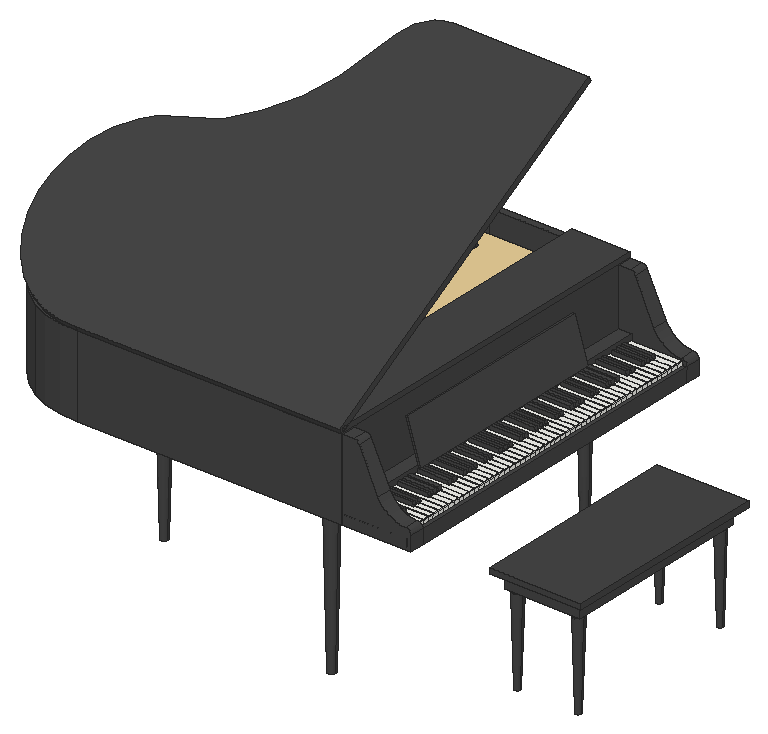
Revit family "Grand_Piano_4149", category Specialty Equipment, Revit 2020
Family settings
  Round Connector Dimension = Use Diameter
  Part Type = Undefined
  Work Plane-Based = No
  Always vertical = Yes
  Cut with Voids When Loaded = No
  Shared = No
  Room Calculation Point = No
Parameters
  Default Elevation = 0' - 0"
Reference planes (in)
  plane 1 "Center F/B": y = 0
  plane 2: z = 0
  plane 3 "Center L/R": x = 0
Forms (in)
  Extrusion 1, solid, material "Black Body"
    sketch origin (0, 0, 26) x (1, 0, 0) y (0, 1, 0)
      loop
        arc (6.65884, 31.94981) -> (0.05521, 16.40963) -> (9, 2.08846) r 18.28052
        arc (9, 2.08846) -> (13.33982, 0.35394) -> (18, 0) r 15.4119
        line (18, 0) -> (63.5, 0) -> (63.5, 62) -> (40, 62)
        arc (40, 62) -> (36.04715, 60.76522) -> (33.5, 57.5) r 6.94444
        arc (33.5, 57.5) -> (32.78954, 55.73305) -> (32, 54) r 42.15116
        arc (32, 54) -> (26.59292, 43.97566) -> (18, 36.5) r 31.79607
        line (18, 36.5) -> (10.59368, 34.10402)
        arc (10.59368, 34.10402) -> (8.5247, 33.21242) -> (6.65884, 31.94981) r 12
    from 0 to 14
  Extrusion 2, solid, material "Black Body"
    sketch origin (18, 2.5, 26) x (1, 0, 0) y (0, 0, 1)
      loop
        line (45.5, 14) -> (45.5, 0) -> (57.42196, 0) -> (57.42196, 2.43623)
        arc (57.42196, 2.43623) -> (57.13809, 3.1342) -> (56.44765, 3.4359) r 1
        arc (56.44765, 3.4359) -> (53.65296, 4.30924) -> (51.7366, 6.52296) r 5.34971
        line (51.7366, 6.52296) -> (48.51924, 13.42262)
        arc (48.51924, 13.42262) -> (48.15023, 13.84339) -> (47.61293, 14) r 1
        line (47.61293, 14) -> (45.5, 14)
    from 0 to 2.5
  Extrusion 3, solid, material "Black Body"
    sketch origin (18, 59.5, 26) x (1, 0, 0) y (0, 0, -1)
      loop
        line (45.5, -14) -> (47.61293, -14)
        arc (47.61293, -14) -> (48.15023, -13.84339) -> (48.51924, -13.42262) r 1
        line (48.51924, -13.42262) -> (51.7366, -6.52296)
        arc (51.7366, -6.52296) -> (53.65296, -4.30924) -> (56.44765, -3.4359) r 5.34971
        arc (56.44765, -3.4359) -> (57.13809, -3.1342) -> (57.42196, -2.43623) r 1
        line (57.42196, -2.43623) -> (57.42196, 0) -> (45.5, 0) -> (45.5, -14)
    from 0 to 2.5
  Extrusion 4, solid, material "Black Body"
    sketch origin (0, 0, 40) x (1, 0, 0) y (0, 1, 0)
      loop
        line (53.5, 62) -> (53.5, 0) -> (63.5, 0) -> (63.5, 62) -> (53.5, 62)
    from 0 to 1
  Extrusion 5, void
    sketch origin (0, 0, 28.08019) x (1, 0, 0) y (0, 1, 0)
      loop
        arc (32.92982, 53.62596) -> (27.31722, 43.28045) -> (18.4135, 35.58274) r 32.79607
        line (18.4135, 35.58274) -> (10.90148, 33.15257)
        arc (10.90148, 33.15257) -> (9.00491, 32.33527) -> (7.29454, 31.17788) r 11
        arc (7.29454, 31.17788) -> (1.05215, 16.48779) -> (9.50763, 2.95003) r 17.28052
        arc (9.50763, 2.95003) -> (13.58417, 1.32382) -> (17.96114, 1) r 14.4119
        line (17.96114, 1) -> (62.5, 1) -> (62.5, 61) -> (40, 61)
        arc (40, 61) -> (36.61636, 59.94303) -> (34.436, 57.148) r 5.94444
        arc (34.436, 57.148) -> (33.72201, 55.37026) -> (32.92982, 53.62596) r 43.15116
    from 0 to 12
  Extrusion 6, solid, material "Black Body"
    sketch origin (0, 0, 29.25) x (1, 0, 0) y (0, 1, 0)
      loop
        line (63.5, 59.5) -> (63.5, 2.5) -> (65.90273, 2.5) -> (65.90273, 59.5) -> (63.5, 59.5)
    from 0 to 1
  Extrusion 7, solid, material "Black Body"
    sketch origin (0, 0, 40) x (1, 0, 0) y (0, 0.866025, 0.5)
      loop
        arc (6.65884, 31.94981) -> (0.05521, 16.40963) -> (9, 2.08846) r 18.28052
        arc (9, 2.08846) -> (13.33982, 0.35394) -> (18, 0) r 15.4119
        line (18, 0) -> (63.5, 0) -> (63.5, 62) -> (40, 62)
        arc (40, 62) -> (36.04715, 60.76522) -> (33.5, 57.5) r 6.94444
        arc (33.5, 57.5) -> (32.78954, 55.73305) -> (32, 54) r 42.15116
        arc (32, 54) -> (26.59292, 43.97566) -> (18, 36.5) r 31.79607
        line (18, 36.5) -> (10.59368, 34.10402)
        arc (10.59368, 34.10402) -> (8.5247, 33.21242) -> (6.65884, 31.94981) r 12
    from 0 to 1
  Extrusion 8, solid, material "Black Body"
    sketch origin (18, 0, 26) x (1, 0, 0) y (0, 0, 1)
      loop
        line (57.42196, 0) -> (57.42196, 2.46481) -> (56.67196, 2.46481) -> (56.67196, 0) -> (57.42196, 0)
    from -59.5 to -2.5
  Extrusion 9, solid, material "Black Body"
    sketch origin (18, 0, 26) x (1, 0, 0) y (0, 0, 1)
      loop
        line (46.5, 11.5) -> (46.13525, 11.38848) -> (48.3177, 4.25) -> (48.71655, 4.25) -> (46.5, 11.5)
    from -49 to -13
  Extrusion 10, solid, material "Black Body"
    sketch origin (0, 0, 18) x (1, 0, 0) y (0, 1, 0)
      loop
        line (78.5, 49) -> (78.5, 13) -> (94.34758, 13) -> (94.34758, 49) -> (78.5, 49)
    from 0 to 1
  Extrusion 11, solid, material "Black Body"
    sketch origin (0, 0, 15.5) x (1, 0, 0) y (0, 1, 0)
      loop
        line (80, 47.5) -> (80, 14.5) -> (92.84758, 14.5) -> (92.84758, 47.5) -> (80, 47.5)
    from 0 to 2.5
  Extrusion 12, solid, material "Ivory Keys"
    sketch origin (0, 0, 28.17039) x (1, 0, 0) y (0, 1, 0)
      loop
        line (65.90273, 4.70793) -> (74.63529, 4.70793) -> (74.67196, 4.7446) -> (74.67196, 5.73617) -> (74.63529, 5.77284) -> (71.39912, 5.77284) -> (71.39912, 5.4988) -> (65.90273, 5.4988) -> (65.90273, 4.70793)
    from 0 to 1
  Extrusion 13, solid, material "Ivory Keys"
    sketch origin (0, 0, 28.17039) x (1, 0, 0) y (0, 1, 0)
      loop
        line (65.90273, 6.59495) -> (65.90273, 6.07812) -> (71.39912, 6.07812) -> (71.39912, 5.80409) -> (74.63529, 5.80409) -> (74.67196, 5.84075) -> (74.67196, 6.83232) -> (74.63529, 6.86899) -> (71.39912, 6.86899) -> (71.39912, 6.59495) -> (65.90273, 6.59495)
    from 0 to 1
  Extrusion 14, solid, material "Black Keys"
    sketch origin (0, 0, 28.17039) x (1, 0, 0) y (0, 1, 0)
      loop
        line (65.90273, 7.14303) -> (65.90273, 6.6262) -> (71.36787, 6.6262) -> (71.36787, 7.14303) -> (65.90273, 7.14303)
    from 0 to 1.625
  Extrusion 15, void
    sketch origin (71.3835, 6.6262, 28.17039) x (1, 0, 0) y (0, 0, -1)
      loop
        line (-0.01562, -1) -> (-0.14847, -1.625) -> (-0.14847, -1.81324) -> (0.10153, -1.81324) -> (-0.01562, -1)
    from -3.66501 to 5.23942
  Extrusion 16, solid, material "Black Keys"
    sketch origin (0, -1.09615, 28.17039) x (1, 0, 0) y (0, 1, 0)
      loop
        line (65.90273, 7.14303) -> (65.90273, 6.6262) -> (71.36787, 6.6262) -> (71.36787, 7.14303) -> (65.90273, 7.14303)
    from 0 to 1.625
  Extrusion 17, solid, material "Black Keys"
    sketch origin (0, -3.28846, 28.17039) x (1, 0, 0) y (0, 1, 0)
      loop
        line (65.90273, 7.14303) -> (65.90273, 6.6262) -> (71.36787, 6.6262) -> (71.36787, 7.14303) -> (65.90273, 7.14303)
    from 0 to 1.625
  Extrusion 18, solid, material "Black Keys"
    sketch origin (0, 2.19231, 28.17039) x (1, 0, 0) y (0, 1, 0)
      loop
        line (65.90273, 7.14303) -> (65.90273, 6.6262) -> (71.36787, 6.6262) -> (71.36787, 7.14303) -> (65.90273, 7.14303)
    from 0 to 1.625
  Extrusion 19, solid, material "Black Keys"
    sketch origin (0, 3.28846, 28.17039) x (1, 0, 0) y (0, 1, 0)
      loop
        line (65.90273, 7.14303) -> (65.90273, 6.6262) -> (71.36787, 6.6262) -> (71.36787, 7.14303) -> (65.90273, 7.14303)
    from 0 to 1.625
  Extrusion 20, solid, material "Black Keys"
    sketch origin (0, 4.38462, 28.17039) x (1, 0, 0) y (0, 1, 0)
      loop
        line (65.90273, 7.14303) -> (65.90273, 6.6262) -> (71.36787, 6.6262) -> (71.36787, 7.14303) -> (65.90273, 7.14303)
    from 0 to 1.625
  Extrusion 21, solid, material "Ivory Keys"
    sketch origin (0, 3.28846, 28.17039) x (1, 0, 0) y (0, 1, 0)
      loop
        line (65.90273, 4.70793) -> (74.63529, 4.70793) -> (74.67196, 4.7446) -> (74.67196, 5.73617) -> (74.63529, 5.77284) -> (71.39912, 5.77284) -> (71.39912, 5.4988) -> (65.90273, 5.4988) -> (65.90273, 4.70793)
    from 0 to 1
  Extrusion 22, solid, material "Ivory Keys"
    sketch origin (0, 12.67308, 28.17039) x (1, 0, 0) y (0, 1, 0)
      loop
        line (65.90273, -4.70793) -> (65.90273, -5.4988) -> (71.39912, -5.4988) -> (71.39912, -5.77284) -> (74.63529, -5.77284) -> (74.67196, -5.73617) -> (74.67196, -4.7446) -> (74.63529, -4.70793) -> (65.90273, -4.70793)
    from 0 to 1
  Extrusion 23, solid, material "Ivory Keys"
    sketch origin (0, 3.28846, 28.17039) x (1, 0, 0) y (0, 1, 0)
      loop
        line (65.90273, 6.59495) -> (65.90273, 6.07812) -> (71.39912, 6.07812) -> (71.39912, 5.80409) -> (74.63529, 5.80409) -> (74.67196, 5.84075) -> (74.67196, 6.83232) -> (74.63529, 6.86899) -> (71.39912, 6.86899) -> (71.39912, 6.59495) -> (65.90273, 6.59495)
    from 0 to 1
  Extrusion 24, solid, material "Ivory Keys"
    sketch origin (0, 17.05769, 28.17039) x (1, 0, 0) y (0, 1, 0)
      loop
        line (65.90273, -6.59495) -> (71.39912, -6.59495) -> (71.39912, -6.86899) -> (74.63529, -6.86899) -> (74.67196, -6.83232) -> (74.67196, -5.84075) -> (74.63529, -5.80409) -> (71.39912, -5.80409) -> (71.39912, -6.07812) -> (65.90273, -6.07812) -> (65.90273, -6.59495)
    from 0 to 1
  Extrusion 25, solid, material "Ivory Keys"
    sketch origin (0, 17.05769, 28.17039) x (1, 0, 0) y (0, 1, 0)
      loop
        line (65.90273, -4.70793) -> (65.90273, -5.4988) -> (71.39912, -5.4988) -> (71.39912, -5.77284) -> (74.63529, -5.77284) -> (74.67196, -5.73617) -> (74.67196, -4.7446) -> (74.63529, -4.70793) -> (65.90273, -4.70793)
    from 0 to 1
  Extrusion 26, solid, material "Ivory Keys"
    sketch origin (0, 7.67308, 28.17039) x (1, 0, 0) y (0, 1, 0)
      loop
        line (65.90273, 4.70793) -> (74.63529, 4.70793) -> (74.67196, 4.7446) -> (74.67196, 5.73617) -> (74.63529, 5.77284) -> (71.39912, 5.77284) -> (71.39912, 5.4988) -> (65.90273, 5.4988) -> (65.90273, 4.70793)
    from 0 to 1
  Extrusion 27, solid, material "Ivory Keys"
    sketch origin (0, 7.67308, 28.17039) x (1, 0, 0) y (0, 1, 0)
      loop
        line (65.90273, 6.59495) -> (65.90273, 6.07812) -> (71.39912, 6.07812) -> (71.39912, 5.80409) -> (74.63529, 5.80409) -> (74.67196, 5.84075) -> (74.67196, 6.83232) -> (74.63529, 6.86899) -> (71.39912, 6.86899) -> (71.39912, 6.59495) -> (65.90273, 6.59495)
    from 0 to 1
  Extrusion 28, solid, material "Black Keys"
    sketch origin (0, 7.67308, 28.17039) x (1, 0, 0) y (0, 1, 0)
      loop
        line (65.90273, 7.14303) -> (65.90273, 6.6262) -> (71.36787, 6.6262) -> (71.36787, 7.14303) -> (65.90273, 7.14303)
    from 0 to 1.625
  Extrusion 29, void
    sketch origin (71.3835, 14.29928, 28.17039) x (1, 0, 0) y (0, 0, -1)
      loop
        line (-0.01562, -1) -> (-0.14847, -1.625) -> (-0.14847, -1.81324) -> (0.10153, -1.81324) -> (-0.01562, -1)
    from -1.40674 to 5.23942
  Extrusion 30, solid, material "Black Keys"
    sketch origin (0, 6.57692, 28.17039) x (1, 0, 0) y (0, 1, 0)
      loop
        line (65.90273, 7.14303) -> (65.90273, 6.6262) -> (71.36787, 6.6262) -> (71.36787, 7.14303) -> (65.90273, 7.14303)
    from 0 to 1.625
  Extrusion 31, solid, material "Black Keys"
    sketch origin (0, 9.86538, 28.17039) x (1, 0, 0) y (0, 1, 0)
      loop
        line (65.90273, 7.14303) -> (65.90273, 6.6262) -> (71.36787, 6.6262) -> (71.36787, 7.14303) -> (65.90273, 7.14303)
    from 0 to 1.625
  Extrusion 32, solid, material "Black Keys"
    sketch origin (0, 10.96154, 28.17039) x (1, 0, 0) y (0, 1, 0)
      loop
        line (65.90273, 7.14303) -> (65.90273, 6.6262) -> (71.36787, 6.6262) -> (71.36787, 7.14303) -> (65.90273, 7.14303)
    from 0 to 1.625
  Extrusion 33, solid, material "Black Keys"
    sketch origin (0, 12.05769, 28.17039) x (1, 0, 0) y (0, 1, 0)
      loop
        line (65.90273, 7.14303) -> (65.90273, 6.6262) -> (71.36787, 6.6262) -> (71.36787, 7.14303) -> (65.90273, 7.14303)
    from 0 to 1.625
  Extrusion 34, solid, material "Ivory Keys"
    sketch origin (0, 10.96154, 28.17039) x (1, 0, 0) y (0, 1, 0)
      loop
        line (65.90273, 4.70793) -> (74.63529, 4.70793) -> (74.67196, 4.7446) -> (74.67196, 5.73617) -> (74.63529, 5.77284) -> (71.39912, 5.77284) -> (71.39912, 5.4988) -> (65.90273, 5.4988) -> (65.90273, 4.70793)
    from 0 to 1
  Extrusion 35, solid, material "Ivory Keys"
    sketch origin (0, 20.34615, 28.17039) x (1, 0, 0) y (0, 1, 0)
      loop
        line (65.90273, -4.70793) -> (65.90273, -5.4988) -> (71.39912, -5.4988) -> (71.39912, -5.77284) -> (74.63529, -5.77284) -> (74.67196, -5.73617) -> (74.67196, -4.7446) -> (74.63529, -4.70793) -> (65.90273, -4.70793)
    from 0 to 1
  Extrusion 36, solid, material "Ivory Keys"
    sketch origin (0, 10.96154, 28.17039) x (1, 0, 0) y (0, 1, 0)
      loop
        line (65.90273, 6.59495) -> (65.90273, 6.07812) -> (71.39912, 6.07812) -> (71.39912, 5.80409) -> (74.63529, 5.80409) -> (74.67196, 5.84075) -> (74.67196, 6.83232) -> (74.63529, 6.86899) -> (71.39912, 6.86899) -> (71.39912, 6.59495) -> (65.90273, 6.59495)
    from 0 to 1
  Extrusion 37, solid, material "Ivory Keys"
    sketch origin (0, 24.73077, 28.17039) x (1, 0, 0) y (0, 1, 0)
      loop
        line (65.90273, -6.59495) -> (71.39912, -6.59495) -> (71.39912, -6.86899) -> (74.63529, -6.86899) -> (74.67196, -6.83232) -> (74.67196, -5.84075) -> (74.63529, -5.80409) -> (71.39912, -5.80409) -> (71.39912, -6.07812) -> (65.90273, -6.07812) -> (65.90273, -6.59495)
    from 0 to 1
  Extrusion 38, solid, material "Ivory Keys"
    sketch origin (0, 24.73077, 28.17039) x (1, 0, 0) y (0, 1, 0)
      loop
        line (65.90273, -4.70793) -> (65.90273, -5.4988) -> (71.39912, -5.4988) -> (71.39912, -5.77284) -> (74.63529, -5.77284) -> (74.67196, -5.73617) -> (74.67196, -4.7446) -> (74.63529, -4.70793) -> (65.90273, -4.70793)
    from 0 to 1
  Extrusion 39, solid, material "Ivory Keys"
    sketch origin (0, 15.34615, 28.17039) x (1, 0, 0) y (0, 1, 0)
      loop
        line (65.90273, 4.70793) -> (74.63529, 4.70793) -> (74.67196, 4.7446) -> (74.67196, 5.73617) -> (74.63529, 5.77284) -> (71.39912, 5.77284) -> (71.39912, 5.4988) -> (65.90273, 5.4988) -> (65.90273, 4.70793)
    from 0 to 1
  Extrusion 40, solid, material "Ivory Keys"
    sketch origin (0, 15.34615, 28.17039) x (1, 0, 0) y (0, 1, 0)
      loop
        line (65.90273, 6.59495) -> (65.90273, 6.07812) -> (71.39912, 6.07812) -> (71.39912, 5.80409) -> (74.63529, 5.80409) -> (74.67196, 5.84075) -> (74.67196, 6.83232) -> (74.63529, 6.86899) -> (71.39912, 6.86899) -> (71.39912, 6.59495) -> (65.90273, 6.59495)
    from 0 to 1
  Extrusion 41, solid, material "Black Keys"
    sketch origin (0, 15.34615, 28.17039) x (1, 0, 0) y (0, 1, 0)
      loop
        line (65.90273, 7.14303) -> (65.90273, 6.6262) -> (71.36787, 6.6262) -> (71.36787, 7.14303) -> (65.90273, 7.14303)
    from 0 to 1.625
  Extrusion 42, void
    sketch origin (71.3835, 21.97236, 28.17039) x (1, 0, 0) y (0, 0, -1)
      loop
        line (-0.01562, -1) -> (-0.14847, -1.625) -> (-0.14847, -1.81324) -> (0.10153, -1.81324) -> (-0.01562, -1)
    from -1.40674 to 5.23942
  Extrusion 43, solid, material "Black Keys"
    sketch origin (0, 14.25, 28.17039) x (1, 0, 0) y (0, 1, 0)
      loop
        line (65.90273, 7.14303) -> (65.90273, 6.6262) -> (71.36787, 6.6262) -> (71.36787, 7.14303) -> (65.90273, 7.14303)
    from 0 to 1.625
  Extrusion 44, solid, material "Black Keys"
    sketch origin (0, 17.53846, 28.17039) x (1, 0, 0) y (0, 1, 0)
      loop
        line (65.90273, 7.14303) -> (65.90273, 6.6262) -> (71.36787, 6.6262) -> (71.36787, 7.14303) -> (65.90273, 7.14303)
    from 0 to 1.625
  Extrusion 45, solid, material "Black Keys"
    sketch origin (0, 18.63462, 28.17039) x (1, 0, 0) y (0, 1, 0)
      loop
        line (65.90273, 7.14303) -> (65.90273, 6.6262) -> (71.36787, 6.6262) -> (71.36787, 7.14303) -> (65.90273, 7.14303)
    from 0 to 1.625
  Extrusion 46, solid, material "Black Keys"
    sketch origin (0, 19.73077, 28.17039) x (1, 0, 0) y (0, 1, 0)
      loop
        line (65.90273, 7.14303) -> (65.90273, 6.6262) -> (71.36787, 6.6262) -> (71.36787, 7.14303) -> (65.90273, 7.14303)
    from 0 to 1.625
  Extrusion 47, solid, material "Ivory Keys"
    sketch origin (0, 18.63462, 28.17039) x (1, 0, 0) y (0, 1, 0)
      loop
        line (65.90273, 4.70793) -> (74.63529, 4.70793) -> (74.67196, 4.7446) -> (74.67196, 5.73617) -> (74.63529, 5.77284) -> (71.39912, 5.77284) -> (71.39912, 5.4988) -> (65.90273, 5.4988) -> (65.90273, 4.70793)
    from 0 to 1
  Extrusion 48, solid, material "Ivory Keys"
    sketch origin (0, 28.01923, 28.17039) x (1, 0, 0) y (0, 1, 0)
      loop
        line (65.90273, -4.70793) -> (65.90273, -5.4988) -> (71.39912, -5.4988) -> (71.39912, -5.77284) -> (74.63529, -5.77284) -> (74.67196, -5.73617) -> (74.67196, -4.7446) -> (74.63529, -4.70793) -> (65.90273, -4.70793)
    from 0 to 1
  Extrusion 49, solid, material "Ivory Keys"
    sketch origin (0, 18.63462, 28.17039) x (1, 0, 0) y (0, 1, 0)
      loop
        line (65.90273, 6.59495) -> (65.90273, 6.07812) -> (71.39912, 6.07812) -> (71.39912, 5.80409) -> (74.63529, 5.80409) -> (74.67196, 5.84075) -> (74.67196, 6.83232) -> (74.63529, 6.86899) -> (71.39912, 6.86899) -> (71.39912, 6.59495) -> (65.90273, 6.59495)
    from 0 to 1
  Extrusion 50, solid, material "Ivory Keys"
    sketch origin (0, 32.40385, 28.17039) x (1, 0, 0) y (0, 1, 0)
      loop
        line (65.90273, -6.59495) -> (71.39912, -6.59495) -> (71.39912, -6.86899) -> (74.63529, -6.86899) -> (74.67196, -6.83232) -> (74.67196, -5.84075) -> (74.63529, -5.80409) -> (71.39912, -5.80409) -> (71.39912, -6.07812) -> (65.90273, -6.07812) -> (65.90273, -6.59495)
    from 0 to 1
  Extrusion 51, solid, material "Ivory Keys"
    sketch origin (0, 32.40385, 28.17039) x (1, 0, 0) y (0, 1, 0)
      loop
        line (65.90273, -4.70793) -> (65.90273, -5.4988) -> (71.39912, -5.4988) -> (71.39912, -5.77284) -> (74.63529, -5.77284) -> (74.67196, -5.73617) -> (74.67196, -4.7446) -> (74.63529, -4.70793) -> (65.90273, -4.70793)
    from 0 to 1
  Extrusion 52, solid, material "Ivory Keys"
    sketch origin (0, 23.01923, 28.17039) x (1, 0, 0) y (0, 1, 0)
      loop
        line (65.90273, 4.70793) -> (74.63529, 4.70793) -> (74.67196, 4.7446) -> (74.67196, 5.73617) -> (74.63529, 5.77284) -> (71.39912, 5.77284) -> (71.39912, 5.4988) -> (65.90273, 5.4988) -> (65.90273, 4.70793)
    from 0 to 1
  Extrusion 53, solid, material "Ivory Keys"
    sketch origin (0, 23.01923, 28.17039) x (1, 0, 0) y (0, 1, 0)
      loop
        line (65.90273, 6.59495) -> (65.90273, 6.07812) -> (71.39912, 6.07812) -> (71.39912, 5.80409) -> (74.63529, 5.80409) -> (74.67196, 5.84075) -> (74.67196, 6.83232) -> (74.63529, 6.86899) -> (71.39912, 6.86899) -> (71.39912, 6.59495) -> (65.90273, 6.59495)
    from 0 to 1
  Extrusion 54, solid, material "Black Keys"
    sketch origin (0, 23.01923, 28.17039) x (1, 0, 0) y (0, 1, 0)
      loop
        line (65.90273, 7.14303) -> (65.90273, 6.6262) -> (71.36787, 6.6262) -> (71.36787, 7.14303) -> (65.90273, 7.14303)
    from 0 to 1.625
  Extrusion 55, void
    sketch origin (71.3835, 29.64543, 28.17039) x (1, 0, 0) y (0, 0, -1)
      loop
        line (-0.01562, -1) -> (-0.14847, -1.625) -> (-0.14847, -1.81324) -> (0.10153, -1.81324) -> (-0.01562, -1)
    from -1.40674 to 5.23942
  Extrusion 56, solid, material "Black Keys"
    sketch origin (0, 21.92308, 28.17039) x (1, 0, 0) y (0, 1, 0)
      loop
        line (65.90273, 7.14303) -> (65.90273, 6.6262) -> (71.36787, 6.6262) -> (71.36787, 7.14303) -> (65.90273, 7.14303)
    from 0 to 1.625
  Extrusion 57, solid, material "Black Keys"
    sketch origin (0, 25.21154, 28.17039) x (1, 0, 0) y (0, 1, 0)
      loop
        line (65.90273, 7.14303) -> (65.90273, 6.6262) -> (71.36787, 6.6262) -> (71.36787, 7.14303) -> (65.90273, 7.14303)
    from 0 to 1.625
  Extrusion 58, solid, material "Black Keys"
    sketch origin (0, 26.30769, 28.17039) x (1, 0, 0) y (0, 1, 0)
      loop
        line (65.90273, 7.14303) -> (65.90273, 6.6262) -> (71.36787, 6.6262) -> (71.36787, 7.14303) -> (65.90273, 7.14303)
    from 0 to 1.625
  Extrusion 59, solid, material "Black Keys"
    sketch origin (0, 27.40385, 28.17039) x (1, 0, 0) y (0, 1, 0)
      loop
        line (65.90273, 7.14303) -> (65.90273, 6.6262) -> (71.36787, 6.6262) -> (71.36787, 7.14303) -> (65.90273, 7.14303)
    from 0 to 1.625
  Extrusion 60, solid, material "Ivory Keys"
    sketch origin (0, 26.30769, 28.17039) x (1, 0, 0) y (0, 1, 0)
      loop
        line (65.90273, 4.70793) -> (74.63529, 4.70793) -> (74.67196, 4.7446) -> (74.67196, 5.73617) -> (74.63529, 5.77284) -> (71.39912, 5.77284) -> (71.39912, 5.4988) -> (65.90273, 5.4988) -> (65.90273, 4.70793)
    from 0 to 1
  Extrusion 61, solid, material "Ivory Keys"
    sketch origin (0, 35.69231, 28.17039) x (1, 0, 0) y (0, 1, 0)
      loop
        line (65.90273, -4.70793) -> (65.90273, -5.4988) -> (71.39912, -5.4988) -> (71.39912, -5.77284) -> (74.63529, -5.77284) -> (74.67196, -5.73617) -> (74.67196, -4.7446) -> (74.63529, -4.70793) -> (65.90273, -4.70793)
    from 0 to 1
  Extrusion 62, solid, material "Ivory Keys"
    sketch origin (0, 26.30769, 28.17039) x (1, 0, 0) y (0, 1, 0)
      loop
        line (65.90273, 6.59495) -> (65.90273, 6.07812) -> (71.39912, 6.07812) -> (71.39912, 5.80409) -> (74.63529, 5.80409) -> (74.67196, 5.84075) -> (74.67196, 6.83232) -> (74.63529, 6.86899) -> (71.39912, 6.86899) -> (71.39912, 6.59495) -> (65.90273, 6.59495)
    from 0 to 1
  Extrusion 63, solid, material "Ivory Keys"
    sketch origin (0, 40.07692, 28.17039) x (1, 0, 0) y (0, 1, 0)
      loop
        line (65.90273, -6.59495) -> (71.39912, -6.59495) -> (71.39912, -6.86899) -> (74.63529, -6.86899) -> (74.67196, -6.83232) -> (74.67196, -5.84075) -> (74.63529, -5.80409) -> (71.39912, -5.80409) -> (71.39912, -6.07812) -> (65.90273, -6.07812) -> (65.90273, -6.59495)
    from 0 to 1
  Extrusion 64, solid, material "Ivory Keys"
    sketch origin (0, 40.07692, 28.17039) x (1, 0, 0) y (0, 1, 0)
      loop
        line (65.90273, -4.70793) -> (65.90273, -5.4988) -> (71.39912, -5.4988) -> (71.39912, -5.77284) -> (74.63529, -5.77284) -> (74.67196, -5.73617) -> (74.67196, -4.7446) -> (74.63529, -4.70793) -> (65.90273, -4.70793)
    from 0 to 1
  Extrusion 65, solid, material "Ivory Keys"
    sketch origin (0, 30.69231, 28.17039) x (1, 0, 0) y (0, 1, 0)
      loop
        line (65.90273, 4.70793) -> (74.63529, 4.70793) -> (74.67196, 4.7446) -> (74.67196, 5.73617) -> (74.63529, 5.77284) -> (71.39912, 5.77284) -> (71.39912, 5.4988) -> (65.90273, 5.4988) -> (65.90273, 4.70793)
    from 0 to 1
  Extrusion 66, solid, material "Ivory Keys"
    sketch origin (0, 30.69231, 28.17039) x (1, 0, 0) y (0, 1, 0)
      loop
        line (65.90273, 6.59495) -> (65.90273, 6.07812) -> (71.39912, 6.07812) -> (71.39912, 5.80409) -> (74.63529, 5.80409) -> (74.67196, 5.84075) -> (74.67196, 6.83232) -> (74.63529, 6.86899) -> (71.39912, 6.86899) -> (71.39912, 6.59495) -> (65.90273, 6.59495)
    from 0 to 1
  Extrusion 67, solid, material "Black Keys"
    sketch origin (0, 30.69231, 28.17039) x (1, 0, 0) y (0, 1, 0)
      loop
        line (65.90273, 7.14303) -> (65.90273, 6.6262) -> (71.36787, 6.6262) -> (71.36787, 7.14303) -> (65.90273, 7.14303)
    from 0 to 1.625
  Extrusion 68, void
    sketch origin (71.3835, 37.31851, 28.17039) x (1, 0, 0) y (0, 0, -1)
      loop
        line (-0.01562, -1) -> (-0.14847, -1.625) -> (-0.14847, -1.81324) -> (0.10153, -1.81324) -> (-0.01562, -1)
    from -1.40674 to 5.23942
  Extrusion 69, solid, material "Black Keys"
    sketch origin (0, 29.59615, 28.17039) x (1, 0, 0) y (0, 1, 0)
      loop
        line (65.90273, 7.14303) -> (65.90273, 6.6262) -> (71.36787, 6.6262) -> (71.36787, 7.14303) -> (65.90273, 7.14303)
    from 0 to 1.625
  Extrusion 70, solid, material "Black Keys"
    sketch origin (0, 32.88462, 28.17039) x (1, 0, 0) y (0, 1, 0)
      loop
        line (65.90273, 7.14303) -> (65.90273, 6.6262) -> (71.36787, 6.6262) -> (71.36787, 7.14303) -> (65.90273, 7.14303)
    from 0 to 1.625
  Extrusion 71, solid, material "Black Keys"
    sketch origin (0, 33.98077, 28.17039) x (1, 0, 0) y (0, 1, 0)
      loop
        line (65.90273, 7.14303) -> (65.90273, 6.6262) -> (71.36787, 6.6262) -> (71.36787, 7.14303) -> (65.90273, 7.14303)
    from 0 to 1.625
  Extrusion 72, solid, material "Black Keys"
    sketch origin (0, 35.07692, 28.17039) x (1, 0, 0) y (0, 1, 0)
      loop
        line (65.90273, 7.14303) -> (65.90273, 6.6262) -> (71.36787, 6.6262) -> (71.36787, 7.14303) -> (65.90273, 7.14303)
    from 0 to 1.625
  Extrusion 73, solid, material "Ivory Keys"
    sketch origin (0, 33.98077, 28.17039) x (1, 0, 0) y (0, 1, 0)
      loop
        line (65.90273, 4.70793) -> (74.63529, 4.70793) -> (74.67196, 4.7446) -> (74.67196, 5.73617) -> (74.63529, 5.77284) -> (71.39912, 5.77284) -> (71.39912, 5.4988) -> (65.90273, 5.4988) -> (65.90273, 4.70793)
    from 0 to 1
  Extrusion 74, solid, material "Ivory Keys"
    sketch origin (0, 43.36538, 28.17039) x (1, 0, 0) y (0, 1, 0)
      loop
        line (65.90273, -4.70793) -> (65.90273, -5.4988) -> (71.39912, -5.4988) -> (71.39912, -5.77284) -> (74.63529, -5.77284) -> (74.67196, -5.73617) -> (74.67196, -4.7446) -> (74.63529, -4.70793) -> (65.90273, -4.70793)
    from 0 to 1
  Extrusion 75, solid, material "Ivory Keys"
    sketch origin (0, 33.98077, 28.17039) x (1, 0, 0) y (0, 1, 0)
      loop
        line (65.90273, 6.59495) -> (65.90273, 6.07812) -> (71.39912, 6.07812) -> (71.39912, 5.80409) -> (74.63529, 5.80409) -> (74.67196, 5.84075) -> (74.67196, 6.83232) -> (74.63529, 6.86899) -> (71.39912, 6.86899) -> (71.39912, 6.59495) -> (65.90273, 6.59495)
    from 0 to 1
  Extrusion 76, solid, material "Ivory Keys"
    sketch origin (0, 47.75, 28.17039) x (1, 0, 0) y (0, 1, 0)
      loop
        line (65.90273, -6.59495) -> (71.39912, -6.59495) -> (71.39912, -6.86899) -> (74.63529, -6.86899) -> (74.67196, -6.83232) -> (74.67196, -5.84075) -> (74.63529, -5.80409) -> (71.39912, -5.80409) -> (71.39912, -6.07812) -> (65.90273, -6.07812) -> (65.90273, -6.59495)
    from 0 to 1
  Extrusion 77, solid, material "Ivory Keys"
    sketch origin (0, 47.75, 28.17039) x (1, 0, 0) y (0, 1, 0)
      loop
        line (65.90273, -4.70793) -> (65.90273, -5.4988) -> (71.39912, -5.4988) -> (71.39912, -5.77284) -> (74.63529, -5.77284) -> (74.67196, -5.73617) -> (74.67196, -4.7446) -> (74.63529, -4.70793) -> (65.90273, -4.70793)
    from 0 to 1
  Extrusion 78, solid, material "Ivory Keys"
    sketch origin (0, 38.36539, 28.17039) x (1, 0, 0) y (0, 1, 0)
      loop
        line (65.90273, 4.70793) -> (74.63529, 4.70793) -> (74.67196, 4.7446) -> (74.67196, 5.73617) -> (74.63529, 5.77284) -> (71.39912, 5.77284) -> (71.39912, 5.4988) -> (65.90273, 5.4988) -> (65.90273, 4.70793)
    from 0 to 1
  Extrusion 79, solid, material "Ivory Keys"
    sketch origin (0, 38.36539, 28.17039) x (1, 0, 0) y (0, 1, 0)
      loop
        line (65.90273, 6.59495) -> (65.90273, 6.07812) -> (71.39912, 6.07812) -> (71.39912, 5.80409) -> (74.63529, 5.80409) -> (74.67196, 5.84075) -> (74.67196, 6.83232) -> (74.63529, 6.86899) -> (71.39912, 6.86899) -> (71.39912, 6.59495) -> (65.90273, 6.59495)
    from 0 to 1
  Extrusion 80, solid, material "Black Keys"
    sketch origin (0, 38.36539, 28.17039) x (1, 0, 0) y (0, 1, 0)
      loop
        line (65.90273, 7.14303) -> (65.90273, 6.6262) -> (71.36787, 6.6262) -> (71.36787, 7.14303) -> (65.90273, 7.14303)
    from 0 to 1.625
  Extrusion 81, void
    sketch origin (71.3835, 44.99159, 28.17039) x (1, 0, 0) y (0, 0, -1)
      loop
        line (-0.01562, -1) -> (-0.14847, -1.625) -> (-0.14847, -1.81324) -> (0.10153, -1.81324) -> (-0.01562, -1)
    from -1.40674 to 5.23942
  Extrusion 82, solid, material "Black Keys"
    sketch origin (0, 37.26923, 28.17039) x (1, 0, 0) y (0, 1, 0)
      loop
        line (65.90273, 7.14303) -> (65.90273, 6.6262) -> (71.36787, 6.6262) -> (71.36787, 7.14303) -> (65.90273, 7.14303)
    from 0 to 1.625
  Extrusion 83, solid, material "Black Keys"
    sketch origin (0, 40.55769, 28.17039) x (1, 0, 0) y (0, 1, 0)
      loop
        line (65.90273, 7.14303) -> (65.90273, 6.6262) -> (71.36787, 6.6262) -> (71.36787, 7.14303) -> (65.90273, 7.14303)
    from 0 to 1.625
  Extrusion 84, solid, material "Black Keys"
    sketch origin (0, 41.65385, 28.17039) x (1, 0, 0) y (0, 1, 0)
      loop
        line (65.90273, 7.14303) -> (65.90273, 6.6262) -> (71.36787, 6.6262) -> (71.36787, 7.14303) -> (65.90273, 7.14303)
    from 0 to 1.625
  Extrusion 85, solid, material "Black Keys"
    sketch origin (0, 42.75, 28.17039) x (1, 0, 0) y (0, 1, 0)
      loop
        line (65.90273, 7.14303) -> (65.90273, 6.6262) -> (71.36787, 6.6262) -> (71.36787, 7.14303) -> (65.90273, 7.14303)
    from 0 to 1.625
  Extrusion 86, solid, material "Ivory Keys"
    sketch origin (0, 41.65385, 28.17039) x (1, 0, 0) y (0, 1, 0)
      loop
        line (65.90273, 4.70793) -> (74.63529, 4.70793) -> (74.67196, 4.7446) -> (74.67196, 5.73617) -> (74.63529, 5.77284) -> (71.39912, 5.77284) -> (71.39912, 5.4988) -> (65.90273, 5.4988) -> (65.90273, 4.70793)
    from 0 to 1
  Extrusion 87, solid, material "Ivory Keys"
    sketch origin (0, 51.03846, 28.17039) x (1, 0, 0) y (0, 1, 0)
      loop
        line (65.90273, -4.70793) -> (65.90273, -5.4988) -> (71.39912, -5.4988) -> (71.39912, -5.77284) -> (74.63529, -5.77284) -> (74.67196, -5.73617) -> (74.67196, -4.7446) -> (74.63529, -4.70793) -> (65.90273, -4.70793)
    from 0 to 1
  Extrusion 88, solid, material "Ivory Keys"
    sketch origin (0, 41.65385, 28.17039) x (1, 0, 0) y (0, 1, 0)
      loop
        line (65.90273, 6.59495) -> (65.90273, 6.07812) -> (71.39912, 6.07812) -> (71.39912, 5.80409) -> (74.63529, 5.80409) -> (74.67196, 5.84075) -> (74.67196, 6.83232) -> (74.63529, 6.86899) -> (71.39912, 6.86899) -> (71.39912, 6.59495) -> (65.90273, 6.59495)
    from 0 to 1
  Extrusion 89, solid, material "Ivory Keys"
    sketch origin (0, 55.42308, 28.17039) x (1, 0, 0) y (0, 1, 0)
      loop
        line (65.90273, -6.59495) -> (71.39912, -6.59495) -> (71.39912, -6.86899) -> (74.63529, -6.86899) -> (74.67196, -6.83232) -> (74.67196, -5.84075) -> (74.63529, -5.80409) -> (71.39912, -5.80409) -> (71.39912, -6.07812) -> (65.90273, -6.07812) -> (65.90273, -6.59495)
    from 0 to 1
  Extrusion 90, solid, material "Ivory Keys"
    sketch origin (0, 55.42308, 28.17039) x (1, 0, 0) y (0, 1, 0)
      loop
        line (65.90273, -4.70793) -> (65.90273, -5.4988) -> (71.39912, -5.4988) -> (71.39912, -5.77284) -> (74.63529, -5.77284) -> (74.67196, -5.73617) -> (74.67196, -4.7446) -> (74.63529, -4.70793) -> (65.90273, -4.70793)
    from 0 to 1
  Extrusion 91, solid, material "Ivory Keys"
    sketch origin (0, 46.03846, 28.17039) x (1, 0, 0) y (0, 1, 0)
      loop
        line (65.90273, 4.70793) -> (74.63529, 4.70793) -> (74.67196, 4.7446) -> (74.67196, 5.73617) -> (74.63529, 5.77284) -> (71.39912, 5.77284) -> (71.39912, 5.4988) -> (65.90273, 5.4988) -> (65.90273, 4.70793)
    from 0 to 1
  Extrusion 92, solid, material "Ivory Keys"
    sketch origin (0, 46.03846, 28.17039) x (1, 0, 0) y (0, 1, 0)
      loop
        line (65.90273, 6.59495) -> (65.90273, 6.07812) -> (71.39912, 6.07812) -> (71.39912, 5.80409) -> (74.63529, 5.80409) -> (74.67196, 5.84075) -> (74.67196, 6.83232) -> (74.63529, 6.86899) -> (71.39912, 6.86899) -> (71.39912, 6.59495) -> (65.90273, 6.59495)
    from 0 to 1
  Extrusion 93, solid, material "Black Keys"
    sketch origin (0, 46.03846, 28.17039) x (1, 0, 0) y (0, 1, 0)
      loop
        line (65.90273, 7.14303) -> (65.90273, 6.6262) -> (71.36787, 6.6262) -> (71.36787, 7.14303) -> (65.90273, 7.14303)
    from 0 to 1.625
  Extrusion 94, void
    sketch origin (71.3835, 52.66466, 28.17039) x (1, 0, 0) y (0, 0, -1)
      loop
        line (-0.01562, -1) -> (-0.14847, -1.625) -> (-0.14847, -1.81324) -> (0.10153, -1.81324) -> (-0.01562, -1)
    from -1.40674 to 5.23942
  Extrusion 95, solid, material "Black Keys"
    sketch origin (0, 44.94231, 28.17039) x (1, 0, 0) y (0, 1, 0)
      loop
        line (65.90273, 7.14303) -> (65.90273, 6.6262) -> (71.36787, 6.6262) -> (71.36787, 7.14303) -> (65.90273, 7.14303)
    from 0 to 1.625
  Extrusion 96, solid, material "Black Keys"
    sketch origin (0, 48.23077, 28.17039) x (1, 0, 0) y (0, 1, 0)
      loop
        line (65.90273, 7.14303) -> (65.90273, 6.6262) -> (71.36787, 6.6262) -> (71.36787, 7.14303) -> (65.90273, 7.14303)
    from 0 to 1.625
  Extrusion 97, solid, material "Black Keys"
    sketch origin (0, 49.32692, 28.17039) x (1, 0, 0) y (0, 1, 0)
      loop
        line (65.90273, 7.14303) -> (65.90273, 6.6262) -> (71.36787, 6.6262) -> (71.36787, 7.14303) -> (65.90273, 7.14303)
    from 0 to 1.625
  Extrusion 98, solid, material "Black Keys"
    sketch origin (0, 50.42308, 28.17039) x (1, 0, 0) y (0, 1, 0)
      loop
        line (65.90273, 7.14303) -> (65.90273, 6.6262) -> (71.36787, 6.6262) -> (71.36787, 7.14303) -> (65.90273, 7.14303)
    from 0 to 1.625
  Extrusion 99, solid, material "Ivory Keys"
    sketch origin (0, 49.32692, 28.17039) x (1, 0, 0) y (0, 1, 0)
      loop
        line (65.90273, 4.70793) -> (74.63529, 4.70793) -> (74.67196, 4.7446) -> (74.67196, 5.73617) -> (74.63529, 5.77284) -> (71.39912, 5.77284) -> (71.39912, 5.4988) -> (65.90273, 5.4988) -> (65.90273, 4.70793)
    from 0 to 1
  Extrusion 100, solid, material "Ivory Keys"
    sketch origin (0, 58.71154, 28.17039) x (1, 0, 0) y (0, 1, 0)
      loop
        line (65.90273, -4.70793) -> (65.90273, -5.4988) -> (71.39912, -5.4988) -> (71.39912, -5.77284) -> (74.63529, -5.77284) -> (74.67196, -5.73617) -> (74.67196, -4.7446) -> (74.63529, -4.70793) -> (65.90273, -4.70793)
    from 0 to 1
  Extrusion 101, solid, material "Ivory Keys"
    sketch origin (0, 49.32692, 28.17039) x (1, 0, 0) y (0, 1, 0)
      loop
        line (65.90273, 6.59495) -> (65.90273, 6.07812) -> (71.39912, 6.07812) -> (71.39912, 5.80409) -> (74.63529, 5.80409) -> (74.67196, 5.84075) -> (74.67196, 6.83232) -> (74.63529, 6.86899) -> (71.39912, 6.86899) -> (71.39912, 6.59495) -> (65.90273, 6.59495)
    from 0 to 1
  Extrusion 102, solid, material "Ivory Keys"
    sketch origin (0, 63.09615, 28.17039) x (1, 0, 0) y (0, 1, 0)
      loop
        line (65.90273, -6.59495) -> (71.39912, -6.59495) -> (71.39912, -6.86899) -> (74.63529, -6.86899) -> (74.67196, -6.83232) -> (74.67196, -5.84075) -> (74.63529, -5.80409) -> (71.39912, -5.80409) -> (71.39912, -6.07812) -> (65.90273, -6.07812) -> (65.90273, -6.59495)
    from 0 to 1
  Extrusion 103, solid, material "Ivory Keys"
    sketch origin (0, 63.09615, 28.17039) x (1, 0, 0) y (0, 1, 0)
      loop
        line (65.90273, -4.70793) -> (65.90273, -5.4988) -> (71.39912, -5.4988) -> (71.39912, -5.77284) -> (74.63529, -5.77284) -> (74.67196, -5.73617) -> (74.67196, -4.7446) -> (74.63529, -4.70793) -> (65.90273, -4.70793)
    from 0 to 1
  Extrusion 104, solid, material "Ivory Keys"
    sketch origin (0, 64.19231, 28.17039) x (1, 0, 0) y (0, 1, 0)
      loop
        line (65.90273, -4.70793) -> (65.90273, -5.77284) -> (74.63529, -5.77284) -> (74.67196, -5.73617) -> (74.67196, -4.7446) -> (74.63529, -4.70793) -> (65.90273, -4.70793)
    from 0 to 1
  Extrusion 105, solid, material "Black Keys"
    sketch origin (0, -3.27564, 28.17039) x (1, 0, 0) y (0, 1, 0)
      loop
        line (65.90273, 7.14303) -> (65.90273, 6.6262) -> (71.36787, 6.6262) -> (71.36787, 7.14303) -> (65.90273, 7.14303)
    from 0 to 1.625
  Extrusion 106, solid, material "Ivory Keys"
    sketch origin (0, -3.28846, 28.17039) x (1, 0, 0) y (0, 1, 0)
      loop
        line (65.90273, 6.59495) -> (65.90273, 5.80409) -> (74.63529, 5.80409) -> (74.67196, 5.84075) -> (74.67196, 6.83232) -> (74.63529, 6.86899) -> (71.39912, 6.86899) -> (71.39912, 6.59495) -> (65.90273, 6.59495)
    from 0 to 1
  Extrusion 107, solid, material "Ivory Keys"
    sketch origin (0, 9.38461, 28.17039) x (1, 0, 0) y (0, 1, 0)
      loop
        line (65.90273, -4.70793) -> (65.90273, -5.4988) -> (71.39912, -5.4988) -> (71.39912, -5.77284) -> (74.63529, -5.77284) -> (74.67196, -5.73617) -> (74.67196, -4.7446) -> (74.63529, -4.70793) -> (65.90273, -4.70793)
    from 0 to 1
  Extrusion 108, void
    sketch origin (74.67196, 2.51562, 28.17039) x (1, 0, 0) y (0, 0, -1)
      loop
        line (-0.10814, 0) -> (-0.10814, -0.92636) -> (0.39186, -0.92636) -> (0.39186, 0) -> (-0.10814, 0)
    from 0 to 96
  Extrusion 109, solid, material "Black Body"
    sketch origin (18, 0, 26) x (1, 0, 0) y (0, 0, 1)
      loop
        line (45.5, 1.77533) -> (45.5, 0.49076) -> (56.67196, 0.49076) -> (56.67196, 1.77533) -> (45.5, 1.77533)
    from -62 to 0
  Blend 110, solid, material "Black Body"
    base sketch origin (0, 0, 0) x (1, 0, 0) y (0, 1, 0)
      loop
        circle (18.25, 18.25) r 0.65459
    top sketch origin (0, 0, 0) x (1, 0, 0) y (0, 1, 0)
      loop
        circle (18.25, 18.25) r 1.25
    from 0 to 26
  Blend 111, solid, material "Black Body"
    base sketch origin (40.5, -14.5, 0) x (1, 0, 0) y (0, 1, 0)
      loop
        circle (18.25, 18.25) r 0.65459
    top sketch origin (40.5, -14.5, 0) x (1, 0, 0) y (0, 1, 0)
      loop
        circle (18.25, 18.25) r 1.25
    from 0 to 26
  Blend 112, solid, material "Black Body"
    base sketch origin (40.5, 40, 0) x (1, 0, 0) y (0, 1, 0)
      loop
        circle (18.25, 18.25) r 0.65459
    top sketch origin (40.5, 40, 0) x (1, 0, 0) y (0, 1, 0)
      loop
        circle (18.25, 18.25) r 1.25
    from 0 to 26
  Extrusion 113, solid, material "Gold"
    sketch origin (0, 0, 28.08019) x (1, 0, 0) y (0, 1, 0)
      loop
        line (18.4135, 35.58274) -> (10.90148, 33.15257)
        arc (10.90148, 33.15257) -> (9.00491, 32.33527) -> (7.29454, 31.17788) r 11
        arc (7.29454, 31.17788) -> (1.05215, 16.48779) -> (9.50763, 2.95003) r 17.28052
        arc (9.50763, 2.95003) -> (13.58417, 1.32382) -> (17.96114, 1) r 14.4119
        line (17.96114, 1) -> (62.5, 1) -> (62.5, 61) -> (40, 61)
        arc (40, 61) -> (36.61636, 59.94303) -> (34.436, 57.148) r 5.94444
        arc (34.436, 57.148) -> (33.72201, 55.37026) -> (32.92982, 53.62596) r 43.15116
        arc (32.92982, 53.62596) -> (27.31722, 43.28045) -> (18.4135, 35.58274) r 32.79607
    from 0 to 7.91981
  Blend 114, solid, material "Black Body"
    base sketch origin (62.92056, 28.02847, 0) x (1, 0, 0) y (0, 1, 0)
      loop
        circle (18.25, 18.25) r 0.5
    top sketch origin (62.92056, 28.02847, 0) x (1, 0, 0) y (0, 1, 0)
      loop
        circle (18.25, 18.25) r 0.93251
    from 0 to 15
  Blend 115, solid, material "Black Body"
    base sketch origin (62.92056, 33.97152, 0) x (1, 0, 0) y (0, 1, 0)
      loop
        circle (18.25, -18.25) r 0.5
    top sketch origin (62.92056, 33.97152, 0) x (1, 0, 0) y (0, 1, 0)
      loop
        circle (18.25, -18.25) r 0.93251
    from 0 to 15
  Blend 116, solid, material "Black Body"
    base sketch origin (109.92702, 28.02847, 0) x (-1, 0, 0) y (0, -1, 0)
      loop
        circle (18.25, -18.25) r 0.5
    top sketch origin (109.92702, 28.02847, 0) x (-1, 0, 0) y (0, -1, 0)
      loop
        circle (18.25, -18.25) r 0.93251
    from 0 to 15
  Blend 117, solid, material "Black Body"
    base sketch origin (109.92702, 33.97152, 0) x (-1, 0, 0) y (0, -1, 0)
      loop
        circle (18.25, 18.25) r 0.5
    top sketch origin (109.92702, 33.97152, 0) x (-1, 0, 0) y (0, -1, 0)
      loop
        circle (18.25, 18.25) r 0.93251
    from 0 to 15
  Blend 118, solid, material "Black Body"
    base sketch origin (22.38697, 42.19848, 25.53223) x (1, 0, 0) y (0, 0.819152, 0.573576)
      loop
        circle (18.25, 18.25) r 0.39784
    top sketch origin (22.38697, 42.19848, 25.53223) x (1, 0, 0) y (0, 0.819152, 0.573576)
      loop
        circle (18.25, 18.25) r 0.5
    from 0 to 32.38381
Cuts and joins
  Extrusion 5 cuts Extrusion 4
  Extrusion 5 cuts Extrusion 1
  Extrusion 15, Extrusion 29, Extrusion 108 cuts Extrusion 13
  Extrusion 15, Extrusion 29 cuts Extrusion 14
  Extrusion 15, Extrusion 29 cuts Extrusion 18
  Extrusion 15, Extrusion 29 cuts Extrusion 19
  Extrusion 15, Extrusion 29 cuts Extrusion 20
  Extrusion 15, Extrusion 29 cuts Extrusion 16
  Extrusion 29, Extrusion 108 cuts Extrusion 12
  Extrusion 29, Extrusion 108 cuts Extrusion 21
  Extrusion 29, Extrusion 108 cuts Extrusion 22
  Extrusion 29, Extrusion 108 cuts Extrusion 23
  Extrusion 29, Extrusion 108 cuts Extrusion 24
  Extrusion 29, Extrusion 108 cuts Extrusion 25
  Extrusion 29, Extrusion 42, Extrusion 108 cuts Extrusion 26
  Extrusion 29, Extrusion 42, Extrusion 108 cuts Extrusion 27
  Extrusion 29, Extrusion 42 cuts Extrusion 28
  Extrusion 29, Extrusion 42 cuts Extrusion 30
  Extrusion 29, Extrusion 42 cuts Extrusion 31
  Extrusion 29, Extrusion 42 cuts Extrusion 32
  Extrusion 29, Extrusion 42 cuts Extrusion 33
  Extrusion 29, Extrusion 42, Extrusion 108 cuts Extrusion 34
  Extrusion 29, Extrusion 42, Extrusion 108 cuts Extrusion 35
  Extrusion 29, Extrusion 42, Extrusion 108 cuts Extrusion 36
  Extrusion 29, Extrusion 42, Extrusion 108 cuts Extrusion 37
  Extrusion 29, Extrusion 42, Extrusion 108 cuts Extrusion 38
  Extrusion 42, Extrusion 55, Extrusion 108 cuts Extrusion 39
  Extrusion 42, Extrusion 55, Extrusion 108 cuts Extrusion 40
  Extrusion 42, Extrusion 55 cuts Extrusion 41
  Extrusion 42, Extrusion 55 cuts Extrusion 43
  Extrusion 42, Extrusion 55 cuts Extrusion 44
  Extrusion 42, Extrusion 55 cuts Extrusion 45
  Extrusion 42, Extrusion 55 cuts Extrusion 46
  Extrusion 42, Extrusion 55, Extrusion 108 cuts Extrusion 47
  Extrusion 42, Extrusion 55, Extrusion 108 cuts Extrusion 48
  Extrusion 42, Extrusion 55, Extrusion 108 cuts Extrusion 49
  Extrusion 42, Extrusion 55, Extrusion 108 cuts Extrusion 50
  Extrusion 42, Extrusion 55, Extrusion 108 cuts Extrusion 51
  Extrusion 55, Extrusion 68, Extrusion 108 cuts Extrusion 52
  Extrusion 55, Extrusion 68, Extrusion 108 cuts Extrusion 53
  Extrusion 55, Extrusion 68 cuts Extrusion 54
  Extrusion 55, Extrusion 68 cuts Extrusion 56
  Extrusion 55, Extrusion 68 cuts Extrusion 57
  Extrusion 55, Extrusion 68 cuts Extrusion 58
  Extrusion 55, Extrusion 68 cuts Extrusion 59
  Extrusion 55, Extrusion 68, Extrusion 108 cuts Extrusion 60
  Extrusion 55, Extrusion 68, Extrusion 108 cuts Extrusion 61
  Extrusion 55, Extrusion 68, Extrusion 108 cuts Extrusion 62
  Extrusion 55, Extrusion 68, Extrusion 108 cuts Extrusion 63
  Extrusion 55, Extrusion 68, Extrusion 108 cuts Extrusion 64
  Extrusion 68, Extrusion 81, Extrusion 108 cuts Extrusion 65
  Extrusion 68, Extrusion 81, Extrusion 108 cuts Extrusion 66
  Extrusion 68, Extrusion 81 cuts Extrusion 67
  Extrusion 68, Extrusion 81 cuts Extrusion 69
  Extrusion 68, Extrusion 81 cuts Extrusion 70
  Extrusion 68, Extrusion 81 cuts Extrusion 71
  Extrusion 68, Extrusion 81 cuts Extrusion 72
  Extrusion 68, Extrusion 81, Extrusion 108 cuts Extrusion 73
  Extrusion 68, Extrusion 81, Extrusion 108 cuts Extrusion 74
  Extrusion 68, Extrusion 81, Extrusion 108 cuts Extrusion 75
  Extrusion 68, Extrusion 81, Extrusion 108 cuts Extrusion 76
  Extrusion 68, Extrusion 81, Extrusion 108 cuts Extrusion 77
  Extrusion 81, Extrusion 94, Extrusion 108 cuts Extrusion 78
  Extrusion 81, Extrusion 94, Extrusion 108 cuts Extrusion 79
  Extrusion 81, Extrusion 94 cuts Extrusion 80
  Extrusion 81, Extrusion 94 cuts Extrusion 82
  Extrusion 81, Extrusion 94 cuts Extrusion 83
  Extrusion 81, Extrusion 94 cuts Extrusion 84
  Extrusion 81, Extrusion 94 cuts Extrusion 85
  Extrusion 81, Extrusion 94, Extrusion 108 cuts Extrusion 86
  Extrusion 81, Extrusion 94, Extrusion 108 cuts Extrusion 87
  Extrusion 81, Extrusion 94, Extrusion 108 cuts Extrusion 88
  Extrusion 81, Extrusion 94, Extrusion 108 cuts Extrusion 89
  Extrusion 81, Extrusion 94, Extrusion 108 cuts Extrusion 90
  Extrusion 94, Extrusion 108 cuts Extrusion 91
  Extrusion 94, Extrusion 108 cuts Extrusion 92
  Extrusion 94 cuts Extrusion 93
  Extrusion 94 cuts Extrusion 95
  Extrusion 94 cuts Extrusion 96
  Extrusion 94 cuts Extrusion 97
  Extrusion 94 cuts Extrusion 98
  Extrusion 94, Extrusion 108 cuts Extrusion 99
  Extrusion 94, Extrusion 108 cuts Extrusion 100
  Extrusion 94, Extrusion 108 cuts Extrusion 101
  Extrusion 94, Extrusion 108 cuts Extrusion 102
  Extrusion 94, Extrusion 108 cuts Extrusion 103
  Extrusion 15 cuts Extrusion 105
  Extrusion 108 cuts Extrusion 104
  Extrusion 108 cuts Extrusion 106
  Extrusion 108 cuts Extrusion 107
  Extrusion 15 cuts Extrusion 17
Lines and regions (in)
  symbolic lines, style "InvisibleLines"
    curve 1: line (-8, 0, 0) -> (8, 0, 0)
    curve 2: line (0, -8, 0) -> (0, 9, 0)
